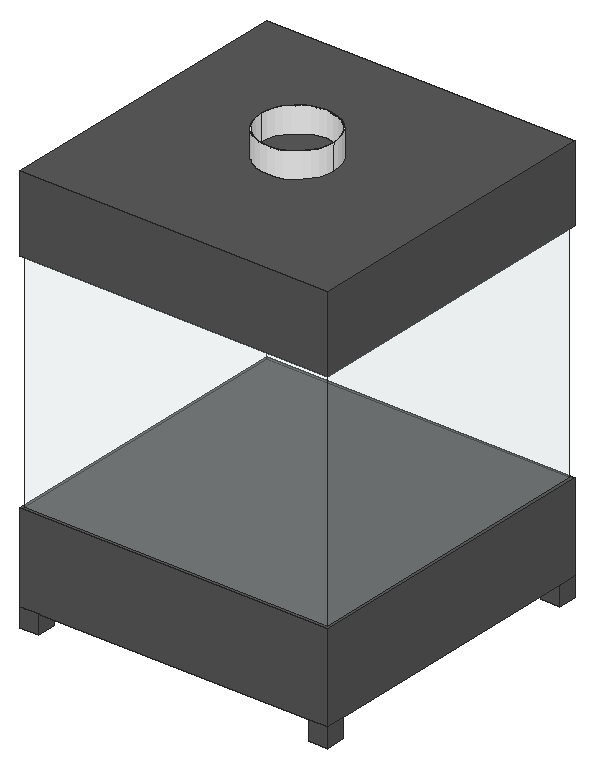
Revit family "C4W4 - LOG - 49_49", category Generic Models, host Face, Revit 2019
Family settings
  Host = Face
  Can host rebar = No
  Round Connector Dimension = Use Diameter
  Part Type = Normal
  Cut with Voids When Loaded = Yes
  Shared = Yes
  Room Calculation Point = No
Parameters (values of type "As Specified")
  URL = "https://www.montigo.com/"
  Manufacturer Website = "https://www.montigo.com/"
  Manufacturer Phone - Toll Free = "800-378-3115"
  Manufacturer Phone = ""
  Manufacturer Fax = ""
  Manufacturer Address = "27342 Gloucester Way  Langley, BC, Canada   V4W 4A1"
  Manufacturer = "Montigo"
  Length = 49"
  Width = 49"
  Height = 65"
  Glazing Tint = Glass - Montigo - Tint as Specified
  Frame Material = Metal - Montigo - Black
  Firebox Material = Metal - Montigo - White
  Fire Place - Opening = 36"
  Description = "Montigo Fireplace as Specified"
  Default Elevation = 48"
  Base Height = 17"
  Assembly Code = "D3020"
Reference planes (in)
  plane 1 "Center (Front/Back)": y = 0
  plane 2: z = 0
  plane 3 "Center (Left/Right)": x = 0
  plane 4: x = 24.5
  plane 5: y = 24.5
  plane 6: y = -24.5
  plane 7: z = 0
  plane 8: x = -24.5
  plane 9: z = 3
  plane 10: z = 17
  plane 11: z = 53
  plane 12: z = 65
Forms (in)
  Extrusion 1, solid, material "Metal - Montigo - Black" <- "Frame Material"
    sketch origin (-60.41868, -180, 0) x (-1, 0, 0) y (0, -1, 0)
      loop
        line (-35.91868, -204.5) -> (-35.91868, -155.5) -> (-84.91868, -155.5) -> (-84.91868, -204.5) -> (-35.91868, -204.5)
    from 3 to 17
  Extrusion 2, solid, material "Metal - Montigo - Black" <- "Frame Material"
    sketch origin (-60.41868, -180, 0) x (-1, 0, 0) y (0, -1, 0)
      loop
        line (-35.91868, -204.5) -> (-35.91868, -201.5) -> (-38.91868, -201.5) -> (-38.91868, -204.5) -> (-35.91868, -204.5)
      loop
        line (-81.91868, -204.5) -> (-81.91868, -201.5) -> (-84.91868, -201.5) -> (-84.91868, -204.5) -> (-81.91868, -204.5)
      loop
        line (-81.91868, -158.5) -> (-81.91868, -155.5) -> (-84.91868, -155.5) -> (-84.91868, -158.5) -> (-81.91868, -158.5)
      loop
        line (-35.91868, -158.5) -> (-35.91868, -155.5) -> (-38.91868, -155.5) -> (-38.91868, -158.5) -> (-35.91868, -158.5)
    from 0 to 3
  Extrusion 3, solid
    sketch origin (-60.41868, -180, 0) x (-1, 0, 0) y (0, -1, 0)
      loop
        line (-77.41868, -196) -> (-77.41868, -193) -> (-80.41868, -193) -> (-80.41868, -196) -> (-77.41868, -196)
      loop
        line (-77.41868, -167) -> (-77.41868, -164) -> (-80.41868, -164) -> (-80.41868, -167) -> (-77.41868, -167)
    from 2 to 3
  Extrusion 4, solid, material "Metal - Montigo - Black" <- "Frame Material"
    sketch origin (-60.41868, -180, 0) x (-1, 0, 0) y (0, -1, 0)
      loop
        line (-35.91868, -204.5) -> (-35.91868, -155.5) -> (-84.91868, -155.5) -> (-84.91868, -204.5) -> (-35.91868, -204.5)
    from 53 to 65
  Extrusion 5, solid, material "Glass - Montigo - Tint as Specified" <- "Glazing Tint"
    sketch origin (-60.41868, -180, 0) x (-1, 0, 0) y (0, -1, 0)
      loop
        line (-36.35618, -204.0625) -> (-36.35618, -155.9375) -> (-84.48118, -155.9375) -> (-84.48118, -204.0625) -> (-36.35618, -204.0625)
    from 17 to 53
Dimensions and locks (in)
  equal spacing: plane 6, plane 1 "Center (Front/Back)", plane 5
  "Width": plane 6 to plane 5
  "Length": plane 8 to plane 4
  equal spacing: plane 8, plane 3 "Center (Left/Right)", plane 4
  locked: plane 8 to Extrusion 2 sketch curve at 3  (x2)
  locked: Extrusion 2 sketch curve to plane 5 at 3  (x2)
  locked: Extrusion 2 sketch curve to plane 4 at 3  (x2)
  locked: plane 6 to Extrusion 2 sketch curve at 3  (x2)
  Extrusion 3 sketch curve to Extrusion 3 sketch curve to plane 4 = 3" locked, 4 1/2" locked  (x2)
  plane 6 to Extrusion 3 sketch curve to Extrusion 3 sketch curve = 8 1/2" locked, 3" locked
  Extrusion 3 sketch curve to Extrusion 3 sketch curve to plane 5 = 3" locked, 8 1/2" locked
  locked: plane 9 to plane 7 at 3
  locked: Extrusion 3 to level at 2
  "Base Height": plane 10 to plane 7
  "Height": plane 12 to plane 7
  "Fire Place - Opening": plane 11 to plane 10
  locked: plane 8 to Extrusion 5 sketch curve at 0.4375
  locked: Extrusion 5 sketch curve to plane 4 at 0.4375
  locked: Extrusion 5 sketch curve to plane 5 at 0.4375
  locked: plane 6 to Extrusion 5 sketch curve at 0.4375
  aligned and locked: plane 2 to host face
  aligned and locked: level to host face
  aligned and locked: plane 7 to level
  aligned and locked: Extrusion 1 sketch curve to plane 6
  aligned and locked: Extrusion 1 sketch curve to plane 4
  aligned and locked: plane 5 to Extrusion 1 sketch curve
  aligned and locked: Extrusion 1 sketch curve to plane 8
  aligned and locked: Extrusion 2 sketch curve to plane 8  (x2)
  aligned and locked: Extrusion 2 sketch curve to plane 6  (x2)
  aligned and locked: plane 5 to Extrusion 2 sketch curve  (x2)
  aligned and locked: Extrusion 2 sketch curve to plane 4
  aligned and locked: Extrusion 1 to plane 9
  aligned and locked: plane 10 to Extrusion 1
  aligned and locked: Extrusion 2 to Extrusion 1
  aligned and locked: Extrusion 3 to Extrusion 1
  aligned and locked: plane 12 to Extrusion 4
  aligned and locked: Extrusion 4 to plane 11
  aligned and locked: Extrusion 5 to plane 10
  aligned and locked: plane 11 to Extrusion 5
  aligned and locked: nested 1 to plane 1 "Center (Front/Back)"
  aligned and locked: nested 1 to plane 3 "Center (Left/Right)"
Automatic sketch dimensions
  host sketch curve to host sketch curve = 96"  (x2)
  Extrusion 2 sketch curve to plane 4 = 0"
  Extrusion 4 sketch curve to plane 4 = 0"
  plane 6 to Extrusion 4 sketch curve = 0"
  Extrusion 4 sketch curve to plane 8 = 0"
  plane 5 to Extrusion 4 sketch curve = 0"
Nested families (in)
  nested 1: "Duct Dia" at (0, 0, 65) x (-1, 0, 0) z (0, 0, 1), type "11 3/4" Dia"
Connectors (in)
  hvac at (0, 0, 69)
    settings: on nested 1, index 1, duct flow 0 CFM, flow factor 0, pres drop 0.00 in-wg, loss coef 0, conn angle 0.00°, conn width 12", conn height 12", conn diameter 11 3/4", duct sys type 3, conn prof type 0, flow config 0, flow direction 0, loss method 0, conn ref index -1, conn util no, is conn primary yes, conn desc ""
Definition of nested family "Duct Dia"
  Parameters (values of type "15 7/8" Dia.")
    Intake Duct Dia = 15 7/8"
    Intake Diameter = Intake Duct Dia - 1/8"  # 15 3/4"
    Height = 4"
    Firebox Material = none
    Default Elevation = 48"
  Types (12): name | Intake Duct Dia | Intake Diameter | Height
    9 7/8" Dia. | 9 7/8" | 9 3/4" | 4"
    7 7/8" Dia | 7 7/8" | 7 3/4" | 4"
    8 1/8" Dia | 8 1/8" | 8" | 1/4"
    11 3/4" Dia | 11 3/4" | 11 5/8" | 4"
    4" Dia | 10" | 9 7/8" | 4"
    7 3/4" Dia | 7 3/4" | 7 5/8" | 4"
    6 7/8" Dia | 6 7/8" | 6 3/4" | 1/4"
    9 3/4" Dia. | 9 3/4" | 9 5/8" | 4"
    7 1/8" Dia | 7 1/8" | 7" | 1/4"
    11 7/8" Dia. | 11 7/8" | 11 3/4" | 4"
    13 7/8" Dia. | 13 7/8" | 13 3/4" | 4"
    15 7/8" Dia. | 15 7/8" | 15 3/4" | 4"
  Reference planes (in)
    plane 1 "Center (Front/Back)": y = 0
    plane 2: z = 0
    plane 3 "Center (Left/Right)": x = 0
    plane 4: z = 4
  Forms (in)
    Extrusion 1, solid
      sketch origin (0, 0, 0) x (1, 0, 0) y (0, 1, 0)
        loop
          line (-48, 48) -> (-48, -48) -> (48, -48) -> (48, 48) -> (-48, 48)
      from 0 to -12
    Extrusion 2, solid, material <- "Firebox Material"
      sketch origin (0, 0, 0) x (1, 0, 0) y (0, 1, 0)
        loop
          circle (0, 0) r 7.9375
        loop
          circle (0, 0) r 7.875
      from 0 to 4
  Dimensions and locks (in)
    "Height": plane 4 to level
    "Intake Duct Dia": diameter of Extrusion 2 sketch curve
    "Intake Diameter": diameter of Extrusion 2 sketch curve
    aligned and locked: plane 2 to Extrusion 1
    aligned and locked: level to Extrusion 1
    aligned and locked: plane 4 to Extrusion 2
  Automatic sketch dimensions
    Extrusion 1 sketch curve to Extrusion 1 sketch curve = 96"  (x2)
    Extrusion 2 sketch curve to Extrusion 2 sketch curve = 0"  (x2)
    plane 1 "Center (Front/Back)" to Extrusion 2 sketch curve = 0"
    Extrusion 2 sketch curve to plane 3 "Center (Left/Right)" = 0"
